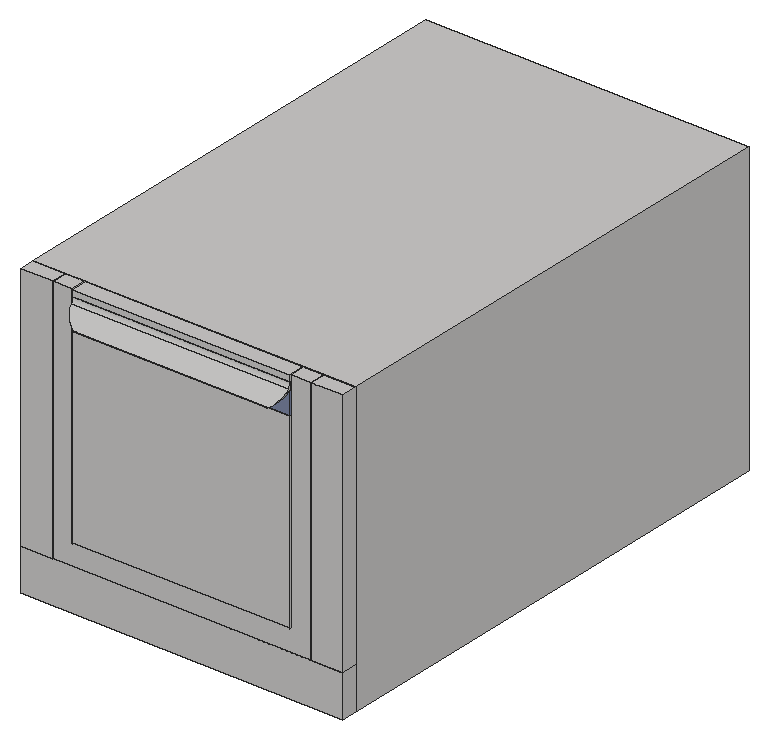
Revit family "QF_ELECTROLUXPROFESSIONAL_588645_MB1PCAEOOO", category Attrezzature speciali, Revit 2020
Family settings
  Quota connettore circolare = Usa diametro
  Tipo di parte = Normale
  Basato su piano di lavoro = No
  Sempre verticale = Sì
  Taglio con vuoti quando caricato = No
  Condiviso = No
  Punto di calcolo locali = No
Parameters (values of type "Standard")
  Weight = 22.00 kg
  Watts = 0 W
  Volts = 0 V
  URL Manufacturer = "https://www.electroluxprofessional.com/"
  URL = "https://www.electroluxprofessional.com/"
  Steam Supply Size = 0"
  Steam Supply Minimum Pressure = 0.00 psi
  Steam Supply Maximum Pressure = 0.00 psi
  Steam Consumption per Hour = 0
  Refrigeration Suction Line Size = 0 mm
  Refrigeration Liquid Line Size = 0 mm
  Refrigerant Compressor Remote = yes
  Prospetto di default = 0 mm
  Phase = 0
  Modello = "MB1PCAEOOO"
  Produttore = "Electrolux Professional"
  Length Actual = 500 mm  # constant formula
  Item Number = "588645"
  Hot Water Size = 0"
  Height Actual = 450 mm  # constant formula
  HP = "0 HP"
  Gas Size = 0"
  Gas KW = 0
  Gas Input Pressure = 0.0 Btu/h
  Direct Waste Size = 0"
  Descrizione = "CUPBOARD BASE,GN,1 DOOR,1-S,500X850X450H"
  Depth Actual = 850 mm  # constant formula
  Cycle = 0 Hz
  Condensate Return Size = 0"
  Compressed Air Volume = 0 GPM
  Compressed Air Size = 0"
  Compressed Air Pressure = 0.00 psi
  Cold Water Size = 0"
  Accessory = yes
Reference planes
  plane 1 "BACK": y = 0
  plane 2: z = 0
  plane 3 "LEFT": x = 0
  plane 4 "RIGHT": x = 500
  plane 5 "FRONT": y = -850
  plane 6 "PLAIN": z = 900
  plane 7 "Center (Left/Right)": x = 250
  plane 8 "Center (Front/Back)": y = -425
  plane 9 "TOP": z = 650
  plane 10 "BASE": z = 200
  plane 11: x = 422
  plane 12: x = 78
  plane 13 "Feet_back": y = -150
  plane 14 "Feet_Front": y = -720
  plane 15: x = 50
  plane 16: x = 450
  plane 17: z = 265
  plane 18: y = -45
  plane 19: y = -805
  plane 20: y = -70
  plane 21: y = -830
  plane 22 "ButtonZ": z = 590
Forms (mm)
  Extrusion 1, solid, material "QF_Finishes_Stainless Steel"
    sketch origin (0, 0, 650) x (0, 1, 0) y (0, 0, 1)
      loop
        line (-45, -450) -> (-45, 0) -> (-805, 0) -> (-805, -450) -> (-45, -450)
    from 0 to 500
  Extrusion 2, solid, material "QF_Finishes_Stainless Steel"
    sketch origin (0, 0, 650) x (0, 1, 0) y (0, 0, 1)
      loop
        line (-830, -450) -> (-805, -450) -> (-805, -385) -> (-830, -385) -> (-830, -450)
    from 0 to 500
  Extrusion 3, void
    sketch origin (0, -850, 0) x (1, 0, 0) y (0, 0, 1)
      loop
        line (50, 650) -> (50, 265) -> (450, 265) -> (450, 650) -> (50, 650)
    from 0 to -780
  Extrusion 4, solid, material "QF_Finishes_Stainless Steel"
    sketch origin (0, -850, 0) x (1, 0, 0) y (0, 0, 1)
      loop
        line (80, 650) -> (80, 627) -> (420, 627) -> (420, 650) -> (80, 650)
    from -45 to -805
  Extrusion 5, solid, material "QF_Finishes_Stainless Steel"
    sketch origin (0, -850, 0) x (1, 0, 0) y (0, 0, 1)
      loop
        line (50, 650) -> (50, 265) -> (450, 265) -> (450, 650) -> (420, 650) -> (420, 295) -> (80, 295) -> (80, 650) -> (50, 650)
    from -45 to -780
  Extrusion 6, solid, material "QF_Finishes_Stainless Steel"
    sketch origin (0, -850, 0) x (1, 0, 0) y (0, 0, 1)
      loop
        line (0, 650) -> (0, 265) -> (50, 265) -> (50, 650) -> (0, 650)
    from -20 to -45
  Extrusion 7, solid, material "QF_Finishes_Stainless Steel"
    sketch origin (0, -850, 0) x (1, 0, 0) y (0, 0, 1)
      loop
        line (450, 650) -> (450, 265) -> (500, 265) -> (500, 650) -> (450, 650)
    from -20 to -45
  Extrusion 8, solid, material "QF_Finishes_Stainless Steel"
    sketch origin (85, -850, 0) x (1, 0, 0) y (0, 0, 1)
      loop
        line (-35, 650) -> (-35, 265) -> (365, 265) -> (365, 650) -> (335, 650) -> (335, 297) -> (-5, 297) -> (-5, 650) -> (-35, 650)
    from -20 to -45
Cuts and joins
  Extrusion 3 cuts Extrusion 1
  joined: Extrusion 1, Extrusion 4, Extrusion 5
Lines and regions (mm)
  symbolic lines, style "SpecialityEquipmentHiddenLines"
    curve 1: line (0, 0, 0) -> (500, 0, 0)
    curve 2: line (0, -850, 0) -> (0, 0, 0)
    curve 3: line (500, -850, 0) -> (0, -850, 0)
    curve 4: line (500, 0, 0) -> (500, -850, 0)
Dimensions and locks
  plane 3 "LEFT" to plane 4 "RIGHT" = 500 mm
  plane 5 "FRONT" to plane 1 "BACK" = 850 mm
  equal spacing: plane 3 "LEFT", plane 7 "Center (Left/Right)", plane 4 "RIGHT"
  equal spacing: plane 5 "FRONT", plane 8 "Center (Front/Back)", plane 1 "BACK"
  plane 6 "PLAIN" to plane 9 "TOP" = 250 mm
  plane 10 "BASE" to level = 200 mm
  plane 9 "TOP" to plane 10 "BASE" = 450 mm
  locked: plane 1 "BACK" to plane 13 "Feet_back" at 150
  locked: plane 14 "Feet_Front" to plane 5 "FRONT" at 130
  locked: plane 12 to plane 3 "LEFT" at 78
  locked: plane 11 to plane 4 "RIGHT" at 78
  plane 16 to plane 15 = 400 mm
  equal spacing: plane 16, plane 7 "Center (Left/Right)", plane 15
  locked: plane 17 to plane 10 "BASE" at 65
  locked: plane 1 "BACK" to plane 18 at 45
  plane 9 "TOP" to Extrusion 4 sketch curve = 23 mm
  locked: Extrusion 4 sketch curve to plane 15 at 30
  locked: plane 16 to Extrusion 4 sketch curve at 30
  locked: Extrusion 5 sketch curve to plane 17 at 30
  plane 6 "PLAIN" to level = 900 mm
  Extrusion 5 to Extrusion 5 = 340 mm
  locked: plane 18 to plane 20 at 25
  locked: plane 21 to plane 5 "FRONT" at 20
  locked: plane 19 to plane 21 at 25
  plane 18 to plane 21 = 785 mm
  plane 22 "ButtonZ" to level = 590 mm
  aligned and locked: level to plane 2
  aligned and locked: Extrusion 1 to plane 4 "RIGHT"
  aligned and locked: Extrusion 1 to plane 3 "LEFT"
  aligned and locked: Extrusion 2 to plane 4 "RIGHT"
  aligned and locked: plane 9 "TOP" to Extrusion 3 sketch curve
  aligned and locked: Extrusion 3 sketch curve to plane 15
  aligned and locked: plane 16 to Extrusion 3 sketch curve
  aligned and locked: Extrusion 2 to plane 10 "BASE"
  aligned and locked: Extrusion 2 to plane 17
  aligned and locked: plane 17 to Extrusion 3 sketch curve
  aligned and locked: Extrusion 4 to plane 18
  aligned and locked: Extrusion 5 sketch curve to plane 15
  aligned and locked: plane 16 to Extrusion 5 sketch curve
  aligned and locked: plane 9 "TOP" to Extrusion 5 sketch curve  (x2)
  aligned and locked: plane 17 to Extrusion 5 sketch curve
  aligned and locked: Extrusion 5 sketch curve to Extrusion 4  (x2)
  aligned and locked: Extrusion 6 sketch curve to plane 9 "TOP"
  aligned and locked: plane 3 "LEFT" to Extrusion 6 sketch curve
  aligned and locked: Extrusion 6 sketch curve to plane 17
  aligned and locked: Extrusion 6 sketch curve to plane 15
  aligned and locked: Extrusion 7 sketch curve to plane 9 "TOP"
  aligned and locked: plane 16 to Extrusion 7 sketch curve
  aligned and locked: Extrusion 7 sketch curve to plane 17
  aligned and locked: plane 4 "RIGHT" to Extrusion 7 sketch curve
  aligned and locked: cut or joined group of Extrusion 1, Extrusion 3, Extrusion 4, Extrusion 5 to Extrusion 4
  aligned and locked: plane 7 "Center (Left/Right)" to nested 1
  aligned and locked: Extrusion 5 to plane 20
  aligned and locked: cut or joined group of Extrusion 1, Extrusion 3, Extrusion 4, Extrusion 5 to plane 20
  aligned and locked: cut or joined group of Extrusion 1, Extrusion 3, Extrusion 4, Extrusion 5 to plane 18
  aligned and locked: plane 19 to Extrusion 4
  aligned and locked: Extrusion 6 to plane 19
  aligned and locked: plane 21 to Extrusion 6
  aligned and locked: plane 21 to Extrusion 7
  aligned and locked: Extrusion 7 to plane 19
  aligned and locked: Extrusion 2 to plane 19
  aligned and locked: plane 21 to Extrusion 2
  aligned and locked: plane 19 to cut or joined group of Extrusion 1, Extrusion 3, Extrusion 4, Extrusion 5
  aligned and locked: Extrusion 8 sketch curve to plane 16
  aligned and locked: plane 15 to Extrusion 8 sketch curve
  aligned and locked: Extrusion 8 sketch curve to plane 17
Automatic sketch dimensions
  curve 3 to plane 3 "LEFT" = 0 mm
  curve 3 to plane 4 "RIGHT" = 0 mm
  plane 5 "FRONT" to curve 3 = 0 mm
  plane 1 "BACK" to curve 2 = 0 mm
  Extrusion 1 sketch curve to plane 10 "BASE" = 0 mm
  Extrusion 1 sketch curve to plane 19 = 0 mm
  Extrusion 1 sketch curve to plane 18 = 0 mm
  Extrusion 1 sketch curve to plane 9 "TOP" = 0 mm
  plane 17 to Extrusion 2 sketch curve = 0 mm
  Extrusion 2 sketch curve to plane 21 = 0 mm
  Extrusion 2 sketch curve to plane 10 "BASE" = 0 mm
  Extrusion 2 sketch curve to plane 19 = 0 mm
  Extrusion 4 sketch curve to plane 9 "TOP" = 0 mm
  Extrusion 8 sketch curve to plane 9 "TOP" = 0 mm  (x2)
  plane 15 to Extrusion 8 sketch curve = 30 mm
  Extrusion 8 sketch curve to plane 16 = 30 mm
  Extrusion 8 sketch curve to plane 17 = 32 mm
Nested families
  nested 1: "H450_1DOOR" at (213.958, -805, 200) x (1, 0, 0) z (0, -1, 0), type "H450_1DOOR"
    with Width 340 mm, Show Clearance yes
Definition of nested family "H450_1DOOR"
  Parameters
    Width [instance] = 340 mm
    Show Clearance [instance] = yes
    Model = "727995"
    Height = 450 mm
    Default Elevation = 0 mm
  Reference planes
    plane 1 "Center (Front/Back)": y = 0
    plane 2: z = 0
    plane 3 "Center (Left/Right)": x = 36.042
    plane 4 "panel": z = 25
    plane 5: x = -133.958
    plane 6: x = 206.042
    plane 7: y = 450
    plane 8: z = 340
    plane 9: z = 45
    plane 10: x = -108.958
  Forms (mm)
    Extrusion 1, solid
      sketch origin (0, -919.2, 0) x (1, 0, 0) y (0, 1, 0)
        loop
          line (-980.5, 2119.2) -> (-980.5, -162.846) -> (881.94, -162.846) -> (881.94, 2119.2) -> (-980.5, 2119.2)
      from 0 to -59.546
    Extrusion 2, solid
      sketch origin (0, 0, 0) x (1, 0, 0) y (0, 1, 0)
        loop
          line (-131.958, 97) -> (204.042, 97) -> (204.042, 393) -> (-131.958, 393) -> (-131.958, 97)
      from 0 to 25
    Extrusion 3, solid
      sketch origin (0, 0, 0) x (1, 0, 0) y (0, 1, 0)
        loop
          line (-131.958, 393) -> (204.042, 393) -> (204.042, 440) -> (-131.958, 440) -> (-131.958, 393)
      from 0 to 25
    Extrusion 4, solid
      sketch origin (36.042, 0, 0) x (0, 1, 0) y (0, 0, 1)
        loop
          line (426.693, 25) -> (440.02, 25)
          arc (440.02, 25) -> (435.261, 25.775) -> (430.993, 28.02) r 15
          line (430.993, 28.02) -> (406.653, 46.362) -> (403.644, 42.369) -> (426.693, 25)
      from -168 to 168
    Extrusion 5, void
      sketch origin (72.084, 0, 0) x (-1, 0, 0) y (0, -1, 0)
        loop
          line (204.042, -426.693) -> (204.042, -403.644) -> (180.317, -403.644)
          arc (180.317, -403.644) -> (194.508, -412.772) -> (204.042, -426.693) r 42.603
      from 25 to 47.9
    Extrusion 6, solid
      sketch origin (0, 0, 0) x (1, 0, 0) y (0, 1, 0)
        loop
          line (-131.958, 440) -> (204.042, 440) -> (204.042, 450) -> (-131.958, 450) -> (-131.958, 440)
      from 0 to 25
    Extrusion 7, void
      sketch origin (0, 0, 0) x (1, 0, 0) y (0, 1, 0)
        loop
          arc (204.042, 426.693) -> (194.508, 412.772) -> (180.317, 403.644) r 42.603
          line (180.317, 403.644) -> (204.042, 403.644) -> (204.042, 426.693)
      from 25 to 47.9
    Extrusion 8, solid, detail levels coarse
      sketch origin (0, 0, 0) x (1, 0, 0) y (0, 0, 1)
        loop
          line (-133.958, 340) -> (-133.958, 25) -> (206.042, 25)
          arc (206.042, 25) -> (107.107, 241.065) -> (-108.958, 340) r 340.918
          line (-108.958, 340) -> (-133.958, 340)
      from -450 to -97
  Cuts and joins
    Extrusion 5, Extrusion 7 cuts Extrusion 4
    Extrusion 7 cuts Extrusion 3
  Lines and regions (mm)
    symbolic lines
      curve 1: line (-133.958, 0, 340) -> (-133.958, 0, 45)
      curve 2: arc (203.986, 0, 44.931) -> (99.919, 0, 248.045) -> (-108.958, 0, 340) r 340.918
      curve 3: line (-108.958, 0, 45) -> (-108.958, 0, 340)
      curve 4: line (-108.958, 0, 340) -> (-133.958, 0, 340)
  Dimensions and locks
    plane 4 "panel" to level = 25 mm
    "Width": plane 5 to plane 6
    equal spacing: plane 5, plane 3 "Center (Left/Right)", plane 6
    "Height": plane 1 "Center (Front/Back)" to plane 7
    locked: plane 5 to Extrusion 2 sketch curve at 2
    locked: plane 1 "Center (Front/Back)" to Extrusion 2 sketch curve at 97
    locked: plane 7 to Extrusion 2 sketch curve at 57
    Extrusion 3 sketch curve to Extrusion 2 = 47 mm
    locked: Extrusion 2 sketch curve to plane 6 at 2
    "Width": Extrusion 1 to plane 8
    locked: plane 10 to plane 5 at 25
    aligned and locked: plane 2 to Extrusion 1
    aligned and locked: level to Extrusion 1
    aligned and locked: plane 4 "panel" to Extrusion 2
    aligned and locked: plane 4 "panel" to Extrusion 3
    aligned and locked: Extrusion 4 to Extrusion 3
    aligned and locked: Extrusion 3 to Extrusion 4
    aligned and locked: Extrusion 3 to Extrusion 2
    aligned and locked: cut or joined group of Extrusion 4, Extrusion 5, Extrusion 7 to plane 4 "panel"
    aligned and locked: plane 7 to Extrusion 6 sketch curve
    aligned and locked: plane 4 "panel" to Extrusion 6
    aligned and locked: Extrusion 2 to Extrusion 6
    aligned and locked: Extrusion 7 sketch curve to Extrusion 2
    aligned and locked: Extrusion 2 to cut or joined group of Extrusion 4, Extrusion 5, Extrusion 7
    aligned and locked: plane 5 to Extrusion 8 sketch curve
    aligned and locked: plane 4 "panel" to Extrusion 8 sketch curve
    aligned and locked: plane 7 to Extrusion 8
    aligned and locked: Extrusion 2 to Extrusion 8
  Automatic sketch dimensions
    Extrusion 1 sketch curve to Extrusion 1 sketch curve = 1862.44 mm
    Extrusion 1 sketch curve to Extrusion 1 sketch curve = 2282.046 mm
    plane 5 to Extrusion 3 sketch curve = 2 mm
    Extrusion 3 sketch curve to plane 6 = 2 mm
    Extrusion 3 sketch curve to Extrusion 3 sketch curve = 47 mm
    Extrusion 4 sketch curve to plane 4 "panel" = 0 mm
    plane 4 "panel" to Extrusion 4 sketch curve = 17.369 mm
    Extrusion 4 sketch curve to plane 7 = 46.356 mm
    plane 4 "panel" to Extrusion 4 sketch curve = 21.362 mm
    Extrusion 4 sketch curve to Extrusion 4 sketch curve = 3.009 mm
    plane 4 "panel" to Extrusion 4 sketch curve = 3.02 mm
    Extrusion 4 sketch curve to Extrusion 4 sketch curve = 9.027 mm
    plane 7 to Extrusion 5 sketch curve = 6.671 mm
    Extrusion 5 sketch curve to plane 5 = 41.221 mm
    Extrusion 5 sketch curve to plane 5 = 25.725 mm
    Extrusion 5 sketch curve to plane 5 = 2 mm
    plane 7 to Extrusion 5 sketch curve = 23.307 mm
    plane 5 to Extrusion 6 sketch curve = 2 mm
    Extrusion 6 sketch curve to plane 6 = 2 mm
    Extrusion 6 sketch curve to plane 7 = 10 mm
    Extrusion 7 sketch curve to Extrusion 7 sketch curve = 23.725 mm
    Extrusion 7 sketch curve to plane 7 = 6.671 mm
    Extrusion 7 sketch curve to plane 6 = 41.221 mm
    Extrusion 7 sketch curve to plane 7 = 23.307 mm
    curve 4 to plane 5 = 0 mm
    curve 3 to plane 8 = 0 mm
    plane 10 to curve 4 = 0 mm
    curve 2 to level = 0 mm
    curve 1 to plane 9 = 0 mm
    curve 3 to plane 9 = 0 mm
    curve 2 to plane 9 = 0.069 mm
    curve 2 to plane 5 = 0 mm
    Extrusion 8 sketch curve to level = 0 mm
    Extrusion 8 sketch curve to plane 5 = 0 mm
    Extrusion 8 sketch curve to plane 8 = 0 mm
    Extrusion 8 sketch curve to plane 6 = 0 mm
